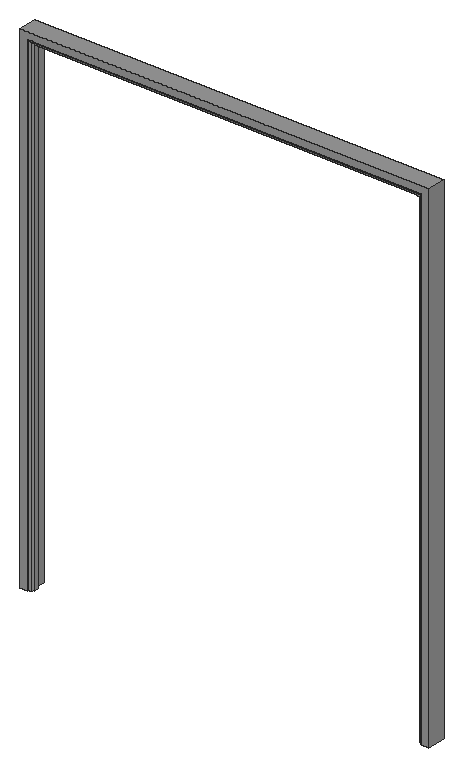
Revit family "DF1630E (1706x2090mm)", category Doors, host Wall, Revit 2013
Parameters (values of type "DF1630E (1706x2090mm)")
  Function = Interior
  Frame Projection Ext. = 25 mm
  Frame Projection Int. = 25 mm
  Frame Width = 75 mm
  Height = 2090 mm
  Wall Closure = By host
  Width = 1706 mm
Reference planes
  plane 1: y = 0
  plane 2 "Center (Left/Right)": x = 0
  plane 3 "Left": x = -853
  plane 4 "Right": x = 853
  plane 5: z = 2090
  plane 6 "Exterior": y = 75
  plane 7 "Interior": y = -75
Forms (mm)
  Sweep 1, solid, material "Lauan, Meranti"
    path origin (0, 75, 0) x (1, 0, 0) y (0, 0, 1)
      loop
        line (853, 0) -> (853, 2090) -> (-853, 2090) -> (-853, 0)
    profile "Van Acht 75x50 Door Frame Routed Profile (Econo) : Van Acht 75x50 Door Frame Routed Profile (Econo)" origin (853, 75, 1045) x (-1, 0, 0) y (0, -1, 0)
      loop
        line (0, 37.5) -> (38, 37.5) -> (38, 82.5) -> (50, 82.5) -> (50, 97.5)
        arc (50, 97.5) -> (44.957, 99.29) -> (42.17, 103.859) r 8
        line (42.17, 103.859) -> (39, 103.859)
        arc (39, 103.859) -> (35.311, 107.973) -> (30, 109.5) r 10
        line (30, 109.5) -> (30, 112.5) -> (0, 112.5) -> (0, 37.5)
Lines and regions (mm)
  Opening 1
    outline origin (-3050, -75, 0) x (1, 0, 0) y (0, 0, 1)
      loop
        line (2197, 0) -> (3903, 0) -> (3903, 2090) -> (2197, 2090) -> (2197, 0)
  symbolic lines, style "Elevation Swing"
    curve 1: line (0, -75, 1045) -> (-853, -75, 2090)
    curve 2: line (0, -75, 1045) -> (-853, -75, 0)
    curve 3: line (0, -75, 1045) -> (853, -75, 2090)
    curve 4: line (0, -75, 1045) -> (853, -75, 0)
  model lines
    curve 5: line (-815, 37.5, 0) -> (-815, 850.5, 0)
    curve 6: arc (-815, 850.5, 0) -> (-238.708, 611.792, 0) -> (0, 35.5, 0) r 815
    curve 7: line (815, 37.5, 0) -> (815, 850.5, 0)
    curve 8: arc (815, 850.5, 0) -> (238.708, 611.792, 0) -> (0, 35.5, 0) r 815
Text (mm)
  text "Exterior" at (-2295.016, 1099.543, 0), in view "Ref. Level"
  text "Exterior" at (0, 1615.38, 3698.081), in view "Left"
  text "Exterior" at (0, 1036.032, 3874.932), in view "Right"
Dimensions and locks
  equal spacing: plane 3 "Left", plane 2 "Center (Left/Right)", plane 4 "Right"
  "Width": plane 3 "Left" to plane 4 "Right"
  "Height": plane 5 to host wall
  equal spacing: host wall, curve 2, plane 5
  host wall to plane 5 = 2090 mm
  locked: plane 6 "Exterior" to host wall at 0
  locked: plane 7 "Interior" to host wall
  aligned and locked: plane 3 "Left" to Opening 1 sketch curve
  aligned and locked: plane 5 to Opening 1 sketch curve  (x2)
  aligned and locked: Opening 1 sketch curve to plane 4 "Right"
  aligned and locked: Opening 1 sketch curve to level
  aligned and locked: plane 5 to curve 1
  aligned and locked: plane 3 "Left" to curve 2
  aligned and locked: plane 1 to host wall
  aligned and locked: plane 3 "Left" to curve 1
Automatic sketch dimensions
  plane 4 "Right" to Sweep 1 sketch curve = 0 mm
  Sweep 1 sketch curve to plane 5 = 0 mm
  plane 3 "Left" to Sweep 1 sketch curve = 0 mm
  Sweep 1 sketch curve to level = 0 mm  (x2)
  curve 2 to level = 0 mm
  plane 4 "Right" to curve 2 = 853 mm
  curve 4 to plane 2 "Center (Left/Right)" = 0 mm
  level to curve 4 = 1045 mm
  curve 4 to level = 0 mm
  plane 4 "Right" to curve 4 = 0 mm
  plane 4 "Right" to curve 3 = 0 mm
  curve 3 to plane 5 = 0 mm
  curve 5 to plane 3 "Left" = 38 mm
  host wall to curve 5 = 775.5 mm
  curve 8 to plane 2 "Center (Left/Right)" = 0 mm
  curve 6 to plane 2 "Center (Left/Right)" = 0 mm
  plane 4 "Right" to curve 7 = 38 mm
  host wall to curve 7 = 775.5 mm
  curve 8 to curve 7 = 2 mm
  curve 6 to curve 5 = 2 mm
